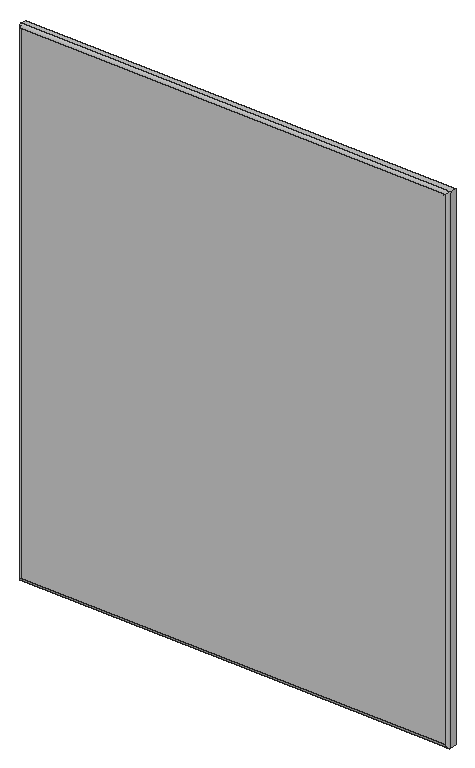
Revit family "Storage-Mounted-Teknion-BOWTS_Wall_Mounted_Tackboard_Fabric-R2019", category Furniture, Revit 2019
Family settings
  OmniClass Number = 23.40.20.00
  OmniClass Title = General Furniture and Specialties
  Work Plane-Based = No
  Always vertical = Yes
  Cut with Voids When Loaded = No
  Shared = Yes
  Room Calculation Point = No
Parameters (values of type "Starting From Standard Worksurface, 56" Finishing Height")
  Width [instance] = 24.000"
  Warranty = "http://www.teknion.com/ca/papers/legal-canada"
  Unit Weight URL = "http://www.teknion.com/ca/tools/assets#&asset=bee6a381-b954-425e-8283-5a2de3a804f2,f828d448-4b62-4231-9e5f-9a8991c0ed77"
  URL = "www.teknion.com"
  To render please download texture images found here [instance] = "https://assets.teknion.com/web/5e81352c1dfdb467/revit-material-swatches/"
  Sustainability Data = "https://www.teknion.com/ca/tools/assets#&topic=216f99a5-57a0-44fc-b10a-9dee9b29ae4c&asset=444deb64-fe58-4b68-981e-f75e97781df7,b4ff2d81-9f2e-437d-9659-7cffb09c31cf"
  Series = "Expansion Casegoods"  # constant formula
  Product Page URL = "https://www.teknion.com/ca/products/product-details?productLineId=0053336e-8e7a-673b-a6c8-ff00004460c4"
  Product Line = "Expansion Casegoods"  # constant formula
  Product Documentation Link = "https://www.teknion.com/pricing/expansion-casegoods/pdfs/BOWTS_ppg.pdf"
  Part Number = "BOWTS"  # constant formula
  Model = "BOWTSW56__"
  Manufacturer Phone = "416-661-3370"  # constant formula
  Manufacturer Fax = "416.661.4586"  # constant formula
  Manufacturer Contact Information = "http://www.teknion.com/ca/contactus"
  Manufacturer Address = "1150 Flint Road, Toronto, ON. M3J 2J5. Canada"  # constant formula
  Manufacturer = "Teknion"  # constant formula
  How To Use Teknion Materials User Guide [instance] = "https://assets.teknion.com/m/205dd0a49fa58060/original/How-to-add-a-Material-Library-and-Texture-Images-to-your-Revit-project.pdf"
  Height = 57.059"
  For Additional Finishes please visit [instance] = "https://assets.teknion.com/m/44a8009b046e5d47/original/Teknion_Materials_Library.zip"
  Fabric Finish [instance] = Fabric - Teknion - B633 - Beeline - Strand
  Description = "Wall-Mounted Tackboard – Fabric, From Standard Worksurface Starting Height, Aligns with bottom of Overhead Cabinet mounted at 72\""
  Available Widths [instance] = "24, 30, 36, 42, 48, 54, 60, 66, 72, 78, or 84 inches."  # constant formula
  Assembly Code = "E2020200"
  Actual Width [instance] = if(Width = 24.000", 23.882", if(Width = 30.000", 29.850", if(Width = 36.000", 35.819", if(Width = 42.000", 41.791", if(Width = 48.000", 47.760", if(Width = 54.000", 53.728", if(Width = 60.000", 59.701", if(Width = 66.000", 65.669", if(Width = 72.000", 71.642", if(Width = 78.000", 77.610", 83.579"))))))))))  # 23.882"
Types (3): name | Model | Height | Description
  (no name) | "BOWTSW56__" | 57.059" | "Wall-Mounted Tackboard – Fabric, From Standard Worksurface Starting Height, Aligns with bottom of Overhead Cabinet mounted at 72\""
  Starting From Standard Worksurface, 50" Finishing Height | "BOWTSW50__" | 50.80709" | "Wall-Mounted Tackboard – Fabric, From Standard Worksurface Starting Height, Aligns with bottom of Overhead Cabinet mounted at 66\""
  Starting From Standard Worksurface, 56" Finishing Height | "BOWTSW56__" | 57.059" | "Wall-Mounted Tackboard – Fabric, From Standard Worksurface Starting Height, Aligns with bottom of Overhead Cabinet mounted at 72\""
Reference planes
  plane 1 "Center Front/Back": y = 0
  plane 2: z = 0
  plane 3 "Center Left/Right": x = 145.32
  plane 4 "Left": x = -157.982
  plane 5 "Right": x = 448.621
  plane 6 "Back": y = 5.475
  plane 7 "Front": y = -6.705
  plane 8 "Top": z = 1449.299
  plane 9: z = 745.8
Forms (mm)
  Sweep 1, solid, material "Fabric - Teknion - B633 - Beeline - Strand" <- "Fabric Finish"
    path origin (0, 0, 0) x (1, 0, 0) y (0, 1, 0)
      loop
        line (145.32, 5.475) -> (145.32, -6.705)
    profile origin (145.32, -0.615, 0) x (1, 0, 0) y (0, 0, 1)
      loop
        line (303.301, 1449.299) -> (-303.301, 1449.299) -> (-303.301, 745.8) -> (303.301, 745.8) -> (303.301, 1449.299)
  Sweep 2, void
    path in 3D
      loop
        line (-157.982, -6.705, 1449.299) -> (-157.982, -6.705, 745.8) -> (448.621, -6.705, 745.8) -> (448.621, -6.705, 1449.299) -> (-157.982, -6.705, 1449.299)
    profile origin (145.32, -6.705, 1449.299) x (0, -1, 0) y (0, 0, 1)
      loop
        line (0, 0) -> (-4, 0)
        arc (-4, 0) -> (-1.172, -1.172) -> (0, -4) r 4
        line (0, -4) -> (0, 0)
Cuts and joins
  Sweep 2 cuts Sweep 1
Lines and regions (mm)
  Masking region 1
    outline origin (0, 0, 0) x (1, 0, 0) y (0, 1, 0)
      loop
        line (-157.982, 5.475) -> (-157.982, -2.705)
        arc (-157.982, -2.705) -> (-156.81, -5.534) -> (-153.982, -6.705) r 4
        line (-153.982, -6.705) -> (444.621, -6.705)
        arc (444.621, -6.705) -> (447.449, -5.534) -> (448.621, -2.705) r 4
        line (448.621, -2.705) -> (448.621, 5.475) -> (-157.982, 5.475)
  sketch lines
    curve 1: line (448.621, -6.705, 1449.299) -> (-157.982, -6.705, 1449.299)
    curve 2: line (-157.982, -6.705, 1449.299) -> (-157.982, -6.705, 745.8)
    curve 3: line (-157.982, -6.705, 745.8) -> (448.621, -6.705, 745.8)
    curve 4: line (448.621, -6.705, 745.8) -> (448.621, -6.705, 1449.299)
Dimensions and locks
  "Actual Width": plane 4 "Left" to plane 5 "Right"
  plane 6 "Back" to plane 1 "Center Front/Back" to plane 7 "Front" = 0.21554" locked, 0.26398" locked
  "Height": plane 8 "Top" to level
  equal spacing: plane 4 "Left", plane 3 "Center Left/Right", plane 5 "Right"
  locked: plane 9 to level at 745.8
  locked: plane 8 "Top" to Sweep 2 sketch curve at 4
  locked: plane 7 "Front" to Sweep 2 sketch curve at 4
  aligned and locked: level to plane 2
  aligned and locked: plane 6 "Back" to Sweep 1 sketch curve
  aligned and locked: plane 7 "Front" to Sweep 1 sketch curve
  aligned and locked: plane 8 "Top" to Sweep 1 sketch curve
  aligned and locked: Sweep 1 sketch curve to plane 5 "Right"
  aligned and locked: Sweep 1 sketch curve to plane 4 "Left"
  aligned and locked: plane 9 to Sweep 1 sketch curve
  aligned and locked: plane 8 "Top" to Sweep 2 sketch curve
  aligned and locked: Sweep 2 sketch curve to plane 7 "Front"
  aligned and locked: Masking region 1 sketch curve to cut or joined group of Sweep 1, Sweep 2  (x4)
Automatic sketch dimensions
  Sweep 1 sketch curve to plane 3 "Center Left/Right" = 0.000"
  Sweep 2 sketch curve to Sweep 2 sketch curve = 0.000"  (x2)
  Sweep 2 sketch curve to profile plane = 0.000"
